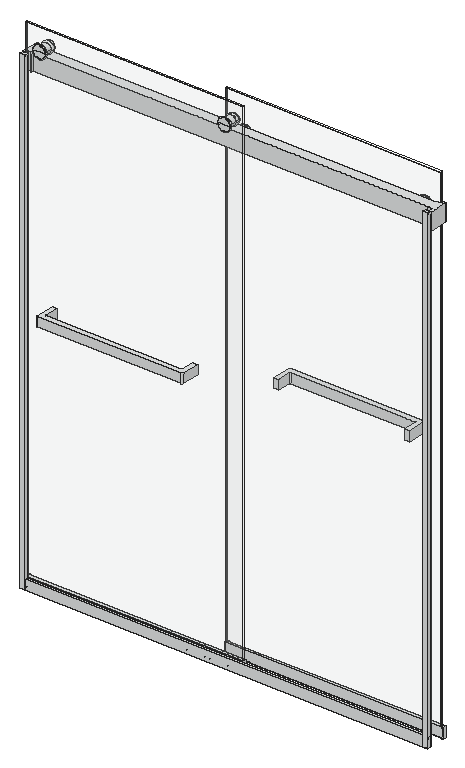
Revit family "Shower-Shower_Door-KOHLER-Levity-K-706018", category Specialty Equipment, host Face, Revit 2015 (continued)
Definition of nested family "K-706018"
  Automatic sketch dimensions
    Masking region 2 sketch curve to Masking region 2 sketch curve = 1.79394"
    Masking region 2 sketch curve to Masking region 2 sketch curve = 0.00246"
    Masking region 2 sketch curve to Masking region 2 sketch curve = 0.23104"  (x2)
    Masking region 2 sketch curve to Masking region 2 sketch curve = 0.01757"
    Masking region 2 sketch curve to Masking region 2 sketch curve = 0.08608"
    Masking region 2 sketch curve to Masking region 2 sketch curve = 0.04185"
    Masking region 2 sketch curve to Masking region 2 sketch curve = 0.11403"
    Masking region 2 sketch curve to Masking region 2 sketch curve = 1.05192"
    Masking region 2 sketch curve to Masking region 2 sketch curve = 0.0408"
    Masking region 2 sketch curve to Masking region 2 sketch curve = 0.11364"
    Masking region 2 sketch curve to Masking region 2 sketch curve = 0.15444"
    Masking region 2 sketch curve to Masking region 2 sketch curve = 0.0201"
    Masking region 2 sketch curve to Masking region 2 sketch curve = 0.00334"
    Masking region 2 sketch curve to Masking region 2 sketch curve = 0.08647"
    Masking region 2 sketch curve to Masking region 2 sketch curve = 0.23711"
    Masking region 2 sketch curve to Masking region 2 sketch curve = 0.00004"
    Masking region 2 sketch curve to Masking region 2 sketch curve = 2.21578"
    Masking region 2 sketch curve to Masking region 2 sketch curve = 0.4475"
    Masking region 2 sketch curve to Masking region 2 sketch curve = 2.45173"
    Masking region 2 sketch curve to Masking region 2 sketch curve = 0.26996"
    Masking region 2 sketch curve to Masking region 2 sketch curve = 0.03285"
    Masking region 2 sketch curve to Masking region 2 sketch curve = 0.04267"
    Masking region 2 sketch curve to Masking region 2 sketch curve = 0.58197"
    level to Masking region 2 sketch curve = 37.04377"
    Masking region 2 sketch curve to Masking region 2 sketch curve = 0.10034"
    curve 108 to level = 0"
    curve 110 to plane 3 "Center (Left/Right)" = 0"
    curve 106 to level = 0"
    curve 120 to plane 3 "Center (Left/Right)" = 0.66201"
    curve 113 to plane 3 "Center (Left/Right)" = 4.27315"
    curve 113 to plane 4 = 4.59616"
    curve 121 to plane 4 = 2.52413"
    curve 108 to plane 4 = 0.73917"
    plane 3 "Center (Left/Right)" to curve 111 = 1 3/4"
    curve 111 to curve 141 = 0.09084"
    curve 141 to curve 112 = 0.20461"
    level to curve 141 = 0.60084"
    level to curve 111 = 21/32"
    curve 141 to curve 112 = 0.80154"
    curve 104 to curve 127 = 35.58598"
    curve 114 to curve 125 = 0"
    curve 114 to curve 122 = 1.33683"
    curve 125 to curve 129 = 1.33683"
    curve 124 to curve 106 = 31.61939"
    curve 113 to curve 103 = 31.61939"
    curve 102 to curve 120 = 0.84681"
    curve 102 to curve 121 = 0.84681"
    curve 102 to plane 4 = 0.2691"
    curve 141 to curve 141 = 0.03397"
    plane 3 "Center (Left/Right)" to curve 143 = 1.89583"
    curve 125 to curve 126 = 0.709"
    curve 128 to curve 124 = 0.709"
    curve 105 to curve 105 = 0.20403"
    curve 105 to curve 143 = 0.05899"
    curve 142 to curve 105 = 2 1/2"
    curve 142 to curve 143 = 2 1/2"
    curve 143 to curve 109 = 4"
    Extrusion 26 sketch curve to plane 4 = 2.52413"
    Extrusion 26 sketch curve to plane 3 "Center (Left/Right)" = 0.66201"
    level to Extrusion 26 sketch curve = 70.84681"
    Extrusion 26 sketch curve to Extrusion 26 sketch curve = 0"
    plane 3 "Center (Left/Right)" to Extrusion 27 sketch curve = 0.03819"
    plane 5 to Extrusion 27 sketch curve = 3.12941"
    level to Extrusion 27 sketch curve = 68.86704"
    Extrusion 27 sketch curve to Extrusion 27 sketch curve = 0"
    curve 119 to plane 6 = 0"
    curve 116 to plane 6 = 0"
    curve 118 to level = 0"
    curve 139 to level = 0"
    curve 148 to plane 10 = 0"
    curve 137 to level = 0"
    curve 133 to level = 0"
    curve 135 to plane 8 = 0"
    curve 156 to plane 8 = 0"
    curve 115 to plane 9 = 0"
    curve 131 to plane 9 = 0"
    curve 119 to plane 9 = 0"
    curve 155 to plane 9 = 0"
    curve 156 to plane 9 = 0"
    curve 139 to plane 11 = 0.02546"
    curve 140 to plane 11 = 0.00659"
    plane 10 to curve 136 = 0.11954"
    curve 133 to plane 8 = 0.04661"
    curve 133 to curve 134 = 0.01934"
    level to curve 134 = 1.46869"
    level to curve 139 = 1.46915"
    curve 144 to plane 11 = 0.20697"
    curve 147 to plane 11 = 0.16671"
    curve 118 to plane 11 = 0.05299"
    curve 118 to curve 139 = 0.02699"
    curve 146 to plane 11 = 0.0403"
    plane 11 to curve 117 = 0.00003"
    plane 11 to curve 145 = 0.00003"
    curve 138 to plane 10 = 0.02232"
    plane 10 to curve 144 = 0.16004"
    curve 144 to curve 149 = 0.50617"
    curve 149 to curve 150 = 0.08079"
    curve 150 to curve 151 = 3/8"
    curve 151 to curve 152 = 0.2285"
    plane 9 to curve 154 = 0.03781"
    plane 9 to curve 154 = 0.03839"
    curve 154 to curve 153 = 0.1306"
    curve 154 to curve 153 = 0.13009"
    curve 133 to curve 132 = 0.063"
    curve 131 to curve 115 = 35.55575"
    curve 116 to curve 115 = 0"
    curve 116 to curve 116 = 1.33683"
    curve 115 to curve 115 = 1.33683"
    curve 116 to curve 119 = 29.11939"
    curve 119 to curve 154 = 0.43235"
    curve 154 to curve 153 = 0"
    curve 154 to curve 155 = 0.03839"
    curve 155 to curve 155 = 1.79823"
    curve 155 to curve 153 = 0.03781"
    curve 155 to curve 154 = 0.03781"
    curve 118 to curve 147 = 2 1/2"
    curve 154 to curve 156 = 0.19323"
    curve 156 to curve 152 = 0.14301"
    curve 152 to curve 151 = 0.01757"
    curve 144 to curve 148 = 0.18642"
    curve 151 to curve 150 = 0.1389"
    curve 150 to curve 149 = 0.00098"
    curve 149 to curve 149 = 1.09174"
    curve 149 to curve 150 = 0"
    curve 149 to curve 148 = 0.11462"
    curve 150 to curve 151 = 0.13708"
    curve 151 to curve 152 = 0.01802"
    curve 148 to curve 145 = 0.23617"
    curve 145 to curve 146 = 0.04124"
    curve 147 to curve 146 = 0"
    Masking region 3 sketch curve to plane 4 = 0"  (x2)
    Masking region 3 sketch curve to plane 6 = 0"  (x3)
    Masking region 3 sketch curve to plane 8 = 0"  (x2)
    plane 7 to Masking region 3 sketch curve = 0"
    Masking region 3 sketch curve to plane 9 = 0"  (x6)
    plane 13 to Masking region 3 sketch curve = 0"
    Masking region 3 sketch curve to plane 5 = 0"  (x2)
    Masking region 3 sketch curve to Masking region 3 sketch curve = 0.01985"
    Masking region 3 sketch curve to Masking region 3 sketch curve = 0.02689"
    Masking region 3 sketch curve to Masking region 3 sketch curve = 0.02841"
    Masking region 3 sketch curve to Masking region 3 sketch curve = 0.03002"
    Masking region 3 sketch curve to plane 9 = 0.04121"
    Masking region 3 sketch curve to Masking region 3 sketch curve = 0.26152"
    plane 8 to Masking region 3 sketch curve = 0.02971"
    Masking region 3 sketch curve to Masking region 3 sketch curve = 0.02907"
    Masking region 3 sketch curve to plane 8 = 0.03021"
    Masking region 3 sketch curve to Masking region 3 sketch curve = 0.56068"
    Masking region 3 sketch curve to Masking region 3 sketch curve = 3.66657"
    Masking region 3 sketch curve to Masking region 3 sketch curve = 1/4"  (x3)
    plane 1 "Center (Front/Back)" to Masking region 3 sketch curve = 0.12631"
    Masking region 3 sketch curve to Masking region 3 sketch curve = 0.43817"
    Masking region 3 sketch curve to Masking region 3 sketch curve = 11/64"  (x2)
    plane 1 "Center (Front/Back)" to Masking region 3 sketch curve = 0.12574"
    Masking region 3 sketch curve to plane 3 "Center (Left/Right)" = 5.12877"
    Masking region 3 sketch curve to plane 7 = 1/4"
    Masking region 3 sketch curve to Masking region 3 sketch curve = 0.65227"
    Masking region 3 sketch curve to plane 9 = 0.02145"
    Masking region 3 sketch curve to plane 3 "Center (Left/Right)" = 2.41167"
    Masking region 3 sketch curve to Masking region 3 sketch curve = 0.02322"
    Masking region 3 sketch curve to Masking region 3 sketch curve = 0.90952"
    plane 9 to Masking region 3 sketch curve = 0.16753"
    Masking region 3 sketch curve to Masking region 3 sketch curve = 0.57965"
    Masking region 3 sketch curve to Masking region 3 sketch curve = 0.04031"  (x5)
    Masking region 3 sketch curve to Masking region 3 sketch curve = 0.04116"
    plane 3 "Center (Left/Right)" to Masking region 3 sketch curve = 0.93449"
    Masking region 3 sketch curve to Masking region 3 sketch curve = 0.00084"
    Masking region 3 sketch curve to Masking region 3 sketch curve = 0.709"
    Masking region 3 sketch curve to Masking region 3 sketch curve = 0.86061"
    Masking region 3 sketch curve to Masking region 3 sketch curve = 0.68817"
    plane 9 to Masking region 3 sketch curve = 0.16363"  (x2)
    Masking region 3 sketch curve to Masking region 3 sketch curve = 1.05745"
    Masking region 3 sketch curve to Masking region 3 sketch curve = 0.03725"
    plane 9 to Masking region 3 sketch curve = 0.20394"
    Masking region 3 sketch curve to Masking region 3 sketch curve = 1.7943"
    Masking region 3 sketch curve to Masking region 3 sketch curve = 0.00306"
    plane 5 to Masking region 3 sketch curve = 0.34065"
    Masking region 3 sketch curve to plane 9 = 0.03306"
    Masking region 3 sketch curve to Masking region 3 sketch curve = 0.05268"
    plane 5 to Masking region 3 sketch curve = 0.03353"
    plane 5 to Masking region 3 sketch curve = 0.02948"
    plane 5 to Masking region 3 sketch curve = 0.0202"
    plane 5 to Masking region 3 sketch curve = 0.01985"
    Masking region 3 sketch curve to plane 11 = 0.07976"
    Masking region 3 sketch curve to plane 11 = 0.0734"
    Masking region 3 sketch curve to plane 11 = 0.02353"
    Masking region 3 sketch curve to plane 8 = 0.18496"
    plane 9 to Masking region 3 sketch curve = 0.03725"  (x2)
    plane 9 to Masking region 3 sketch curve = 0.04116"  (x2)
    Masking region 3 sketch curve to Masking region 3 sketch curve = 0.12638"
    Masking region 3 sketch curve to Masking region 3 sketch curve = 0.75838"
    Extrusion 2 sketch curve to plane 11 = 0"
    Extrusion 2 sketch curve to plane 10 = 0.03877"
    Extrusion 2 sketch curve to plane 4 = 0.32876"
    Extrusion 2 sketch curve to plane 10 = 0.01851"
    plane 11 to Extrusion 2 sketch curve = 0.02038"
    Extrusion 20 sketch curve to level = 0"
    Extrusion 20 sketch curve to plane 11 = 0"
    plane 10 to Extrusion 20 sketch curve = 0.145"
    level to Extrusion 20 sketch curve = 1.48802"
    Extrusion 11 sketch curve to level = 0"
    Extrusion 11 sketch curve to plane 9 = 0"
    Extrusion 11 sketch curve to plane 9 = 0.01996"
    level to Extrusion 11 sketch curve = 0.02016"
    Extrusion 11 sketch curve to plane 8 = 0.02653"
    Extrusion 11 sketch curve to plane 8 = 0.027"
    Extrusion 11 sketch curve to Extrusion 11 sketch curve = 0.02008"
    Extrusion 11 sketch curve to Extrusion 11 sketch curve = 1.44833"
    curve 22 to plane 10 = 0"
    curve 24 to plane 11 = 0"
    curve 157 to plane 6 = 0"
    curve 161 to plane 6 = 0"
    curve 1 to plane 6 = 0"
    curve 2 to plane 8 = 0"
    curve 7 to plane 9 = 0"
    curve 160 to plane 9 = 0"
    curve 17 to plane 9 = 0"
    curve 8 to plane 9 = 0"
    curve 158 to plane 6 = 0"
    plane 3 "Center (Left/Right)" to curve 72 = 0.27544"
    curve 71 to curve 67 = 0.0403"
    plane 3 "Center (Left/Right)" to curve 87 = 0.08446"
    plane 3 "Center (Left/Right)" to curve 78 = 0.08446"
    plane 3 "Center (Left/Right)" to curve 85 = 0.04154"
    plane 3 "Center (Left/Right)" to curve 91 = 0.03944"
    plane 3 "Center (Left/Right)" to curve 90 = 0.02143"
    plane 3 "Center (Left/Right)" to curve 86 = 0.01581"
    curve 83 to plane 3 "Center (Left/Right)" = 0.00201"
    curve 93 to plane 3 "Center (Left/Right)" = 0.00201"
    curve 77 to plane 3 "Center (Left/Right)" = 0.11566"
    curve 88 to plane 3 "Center (Left/Right)" = 0.15272"
    plane 12 to curve 89 = 0.31379"
    curve 89 to curve 88 = 1.0245"
    plane 12 to curve 75 = 0.0455"
    curve 75 to curve 89 = 0.03115"
    curve 75 to curve 74 = 0.11364"
    curve 83 to curve 89 = 0.14479"
    curve 81 to curve 82 = 0.02013"
    curve 79 to curve 81 = 0.00331"
    curve 82 to plane 8 = 0.48896"
    curve 82 to curve 82 = 0.04146"
    curve 79 to curve 80 = 0.04502"
    curve 76 to curve 69 = 0.08647"
    curve 71 to plane 11 = 0.20697"
    curve 71 to curve 69 = 0.23568"
    curve 66 to plane 11 = 0.04027"
    curve 66 to curve 70 = 0.04178"
    curve 39 to plane 11 = 0.04027"
    curve 39 to plane 4 = 3.46158"
    curve 43 to plane 11 = 0.20697"
    curve 43 to curve 38 = 0.0403"
    plane 12 to curve 49 = 0.12629"
    curve 49 to curve 38 = 0.19098"
    curve 58 to curve 49 = 0"
    plane 12 to curve 56 = 0.52667"
    curve 56 to curve 59 = 0.04292"
    curve 62 to curve 57 = 0.0021"
    curve 61 to curve 57 = 0.02011"
    curve 57 to curve 57 = 0.00562"
    curve 55 to plane 8 = 0.4475"
    curve 55 to curve 55 = 0.04146"
    plane 12 to curve 44 = 0.0455"
    curve 44 to curve 59 = 0.08647"
    curve 49 to curve 44 = 0.11364"
    curve 59 to curve 48 = 0.03707"
    plane 12 to curve 60 = 0.31379"
    curve 60 to curve 59 = 1.0245"
    curve 47 to curve 60 = 0.03115"
    curve 46 to curve 45 = 0.11364"
    curve 53 to curve 60 = 0.14479"
    curve 52 to curve 53 = 0.02013"
    curve 61 to curve 52 = 0.00331"
    curve 51 to curve 52 = 0.02133"
    curve 50 to curve 51 = 0.04502"
    curve 47 to curve 40 = 0.08647"
    curve 41 to curve 40 = 0.23568"
    curve 37 to plane 11 = 0.04027"
    curve 37 to curve 41 = 0.04178"
    plane 10 to curve 18 = 0.11386"
    curve 18 to curve 36 = 0.64708"
    plane 6 to curve 28 = 0.01976"
    curve 28 to plane 4 = 0.73917"
    curve 26 to curve 27 = 0.02038"
    curve 24 to plane 4 = 0.31855"
    curve 22 to plane 10 = 0.02026"
    curve 22 to plane 4 = 0.31843"
    curve 23 to curve 21 = 0.0283"
    curve 20 to curve 30 = 0.02232"
    plane 11 to curve 32 = 0.02227"
    curve 5 to plane 8 = 0.18496"
    plane 5 to curve 5 = 0.93571"
    curve 12 to curve 11 = 0.03844"
    curve 159 to plane 8 = 0.07826"
    curve 9 to curve 159 = 0.0786"
    plane 6 to curve 34 = 0.01989"
    plane 5 to curve 34 = 0.75993"
    curve 34 to curve 33 = 0.02027"
    plane 10 to curve 11 = 0.14083"
    plane 5 to curve 11 = 0.34692"
    plane 8 to curve 4 = 0.02173"
    plane 5 to curve 4 = 0.34073"
    curve 10 to plane 11 = 0.02429"
    plane 5 to curve 10 = 0.32003"
    curve 10 to curve 16 = 0.02891"
    curve 71 to curve 72 = 0.04178"
    curve 70 to curve 65 = 0.04178"
    curve 27 to plane 11 = 0.07338"
    curve 68 to plane 11 = 0.04027"
    curve 12 to curve 100 = 0.11574"
    curve 18 to curve 18 = 0.18114"
    curve 74 to curve 76 = 0.08079"
    curve 87 to curve 86 = 0.02511"
    curve 56 to curve 54 = 0.04146"
    curve 84 to curve 83 = 0.04146"
    curve 68 to curve 67 = 0.04027"
    curve 130 to plane 3 "Center (Left/Right)" = 0.62428"
    curve 7 to curve 130 = 0.23384"
    curve 97 to curve 7 = 0.04116"
    curve 96 to curve 97 = 0"  (x2)
    curve 5 to curve 82 = 0.15691"
    curve 2 to curve 5 = 0"
    curve 65 to curve 66 = 0.04027"
    curve 1 to curve 65 = 2.62704"
    curve 1 to curve 1 = 0.72983"
    curve 38 to curve 161 = 1.83275"
    curve 161 to curve 161 = 0.68817"
    curve 43 to plane 11 = 0.16519"
    curve 43 to curve 38 = 0"
    curve 39 to curve 38 = 0.04027"
    curve 36 to curve 37 = 0.04027"
    curve 41 to curve 36 = 0"
    curve 26 to plane 4 = 0.0243"
    curve 6 to curve 7 = 0.23384"
    curve 7 to curve 97 = 0.04116"
    curve 160 to curve 160 = 0.709"
    curve 17 to curve 9 = 4.87679"
    curve 17 to curve 17 = 0.68817"
    plane 9 to curve 98 = 0.16363"
    curve 17 to curve 98 = 1.05745"
    plane 9 to curve 99 = 0.03725"
    curve 99 to curve 98 = 0"
    curve 99 to curve 8 = 0.03725"
    curve 8 to curve 9 = 1.2935"
    curve 8 to curve 99 = 0.03725"
    curve 98 to curve 99 = 0"
    plane 5 to curve 33 = 0.0202"
    plane 10 to curve 94 = 0.295"
    curve 101 to plane 8 = 0.18496"
    curve 3 to plane 9 = 0.02165"
    plane 9 to curve 97 = 0.04116"
    curve 97 to curve 96 = 0.12638"
    curve 67 to curve 20 = 1.57724"
    curve 31 to curve 160 = 2 5/8"
    plane 3 "Center (Left/Right)" to Extrusion 2 sketch curve = 1.85268"
    Extrusion 2 sketch curve to Extrusion 2 sketch curve = 0.00005"
    plane 11 to Extrusion 2 sketch curve = 0.02227"
    radius of curve 120 = 0.93707"
    radius of curve 121 = 0.93745"
    radius of Extrusion 26 sketch curve = 3/4"  (x2)
    radius of Extrusion 27 sketch curve = 0.89715"  (x2)
Types (4): name | Type | Model | Finish
  (no name) | 1 | "K-706018-L-SHP" | Kohler-Metal-SHP-Bright_Polished_Silver
  SHP-Bright Polished Silver | 1 | "K-706018-L-SHP" | Kohler-Metal-SHP-Bright_Polished_Silver
  NX-Brushed Nickel | 2 | "K-706018-L-NX" | Kohler-Metal-NX-Brushed_Nickel
  ABV-Anodized Brushed Bronze | 3 | "K-706018-L-ABV" | Kohler-Metal-ABV-Anodized_Brushed_Bronze
